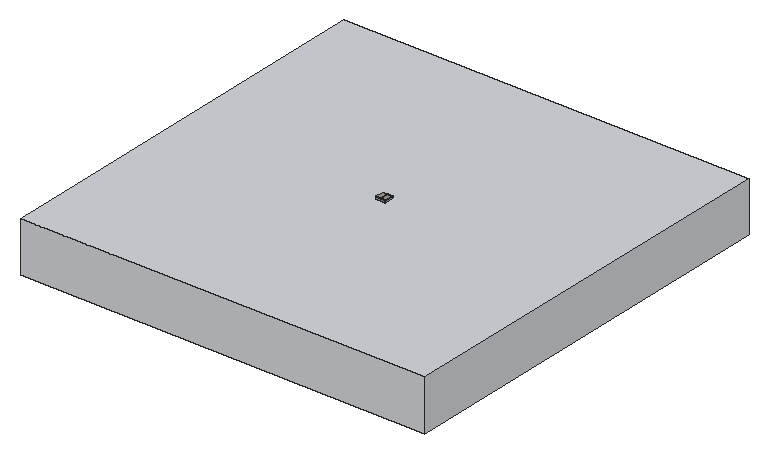
Revit family "2CKA001713A0202", category Electrical Fixtures, host Face, Revit 2014
Parameters
  White = Whitte
  Default Elevation = 1219.2 mm
Reference planes
  plane 1 "Center (Front/Back)": y = 0
  plane 2: z = 0
  plane 3 "Center (Left/Right)": x = 0
Forms (mm)
  Extrusion 1, solid
    sketch origin (0, 0, 0) x (1, 0, 0) y (0, 1, 0)
      loop
        line (-1219.2, 1219.2) -> (-1219.2, -1219.2) -> (1219.2, -1219.2) -> (1219.2, 1219.2) -> (-1219.2, 1219.2)
    from 0 to -304.8
  Extrusion 2, solid, material "Whitte" <- "White", detail levels fine
    sketch origin (0, 0, 11) x (1, 0, 0) y (0, 1, 0)
      loop
        arc (-27.5, -26.5) -> (-27.207, -27.207) -> (-26.5, -27.5) r 1
        line (-26.5, -27.5) -> (26.5, -27.5)
        arc (26.5, -27.5) -> (27.207, -27.207) -> (27.5, -26.5) r 1
        line (27.5, -26.5) -> (27.5, 26.5)
        arc (27.5, 26.5) -> (27.207, 27.207) -> (26.5, 27.5) r 1
        line (26.5, 27.5) -> (-26.5, 27.5)
        arc (-26.5, 27.5) -> (-27.207, 27.207) -> (-27.5, 26.5) r 1
        line (-27.5, 26.5) -> (-27.5, -26.5)
    from 0 to -11
  Revolve 3, solid, material "Whitte" <- "White", detail levels fine
    sketch origin (0, 0, 11) x (1, 0, 0) y (0, 1, 0)
      loop
        line (-0.5, 27.5) -> (-26.5, 27.5)
        arc (-26.5, 27.5) -> (-27.207, 27.207) -> (-27.5, 26.5) r 1
        line (-27.5, 26.5) -> (-27.5, -26.5)
        arc (-27.5, -26.5) -> (-27.207, -27.207) -> (-26.5, -27.5) r 1
        line (-26.5, -27.5) -> (-0.5, -27.5) -> (-0.5, 27.5)
      loop
        arc (26.5, -27.5) -> (27.207, -27.207) -> (27.5, -26.5) r 1
        line (27.5, -26.5) -> (27.5, 26.5)
        arc (27.5, 26.5) -> (27.207, 27.207) -> (26.5, 27.5) r 1
        line (26.5, 27.5) -> (0.5, 27.5) -> (0.5, -27.5) -> (26.5, -27.5)
      axis (27.5, 27.5) -> (-27.5, 27.5)
    angle from 0 to -5
  Extrusion 4, solid, material "Whitte" <- "White", detail levels medium
    sketch origin (0, 0, 11) x (1, 0, 0) y (0, 1, 0)
      loop
        line (27.5, 27.5) -> (-27.5, 27.5) -> (-27.5, -27.5) -> (27.5, -27.5) -> (27.5, 27.5)
    from 0 to -11
  Revolve 5, solid, material "Whitte" <- "White", detail levels medium
    sketch origin (0, 0, 11) x (1, 0, 0) y (0, 1, 0)
      loop
        line (-27.5, 27.5) -> (-27.5, -27.5) -> (27.5, -27.5) -> (27.5, 27.5) -> (-27.5, 27.5)
      axis (27.5, 27.5) -> (-27.5, 27.5)
    angle from 0 to -5
  Extrusion 6, solid, material "Whitte" <- "White", detail levels coarse
    sketch origin (0, 0, 10) x (1, 0, 0) y (0, 1, 0)
      loop
        line (-27.5, 27.5) -> (-27.5, -27.5) -> (27.5, -27.5) -> (27.5, 27.5) -> (-27.5, 27.5)
    from -10 to 5.8
Lines and regions (mm)
  model lines, detail levels fine
    curve 1: line (-14, 3.474, 13.102) -> (-9, -2.435, 13.619)
    curve 2: line (-9, -2.435, 13.619) -> (-19, -2.435, 13.619)
    curve 3: line (-19, -2.435, 13.619) -> (-14, 3.474, 13.102)
    curve 4: line (-10.068, -1.943, 13.576) -> (-14, 2.705, 13.169)
    curve 5: line (-14, 2.705, 13.169) -> (-17.932, -1.943, 13.576)
    curve 6: line (-17.932, -1.943, 13.576) -> (-10.068, -1.943, 13.576)
    curve 7: line (19, 3.268, 13.12) -> (14, -2.641, 13.637)
    curve 8: line (14, -2.641, 13.637) -> (9, 3.268, 13.12)
    curve 9: line (9, 3.268, 13.12) -> (19, 3.268, 13.12)
    curve 10: line (10.068, 2.775, 13.163) -> (14, -1.872, 13.57)
    curve 11: line (14, -1.872, 13.57) -> (17.932, 2.775, 13.163)
    curve 12: line (17.932, 2.775, 13.163) -> (10.068, 2.775, 13.163)
  model lines, detail levels medium
    curve 13: line (-0.5, -27.5, 0) -> (-0.5, 27.5, 0)
    curve 14: line (-0.5, -27.082, 15.775) -> (-0.5, 27.5, 11)
    curve 15: line (0.5, -27.082, 15.775) -> (0.5, 27.5, 11)
Dimensions and locks
  aligned and locked: plane 2 to Extrusion 1
  aligned and locked: level to Extrusion 1
  aligned and locked: plane 3 "Center (Left/Right)" to nested 1
  aligned and locked: plane 1 "Center (Front/Back)" to nested 1
Nested families
  nested 1: "SwitchForSunProtectionUpAndDown_DE-DE_2014" at (0, 0, 0), type "SwitchForSunProtectionUpAndDown_DE-DE_2014"
Definition of nested family "SwitchForSunProtectionUpAndDown_DE-DE_2014"
  Reference planes
    plane 1: y = 0
    plane 2: x = 0
  Lines and regions (mm)
    Filled region 1, type "Filled region 1"
      outline origin (0, 0, 0) x (1, 0, 0) y (0, 1, 0)
        loop
          line (-3.916, 8.333) -> (-3.416, 6.667) -> (-2.916, 8.333) -> (-3.916, 8.333)
    Filled region 2, type "Filled region 1"
      outline origin (0, 0, 0) x (1, 0, 0) y (0, 1, 0)
        loop
          line (3.416, 8.333) -> (2.916, 6.667) -> (3.916, 6.667) -> (3.416, 8.333)
    detail lines
      curve 1: circle (0, 1.25, 0) r 1.25 normal (0, 0, 1)
      curve 2: line (0.625, 2.333, 0) -> (2.742, 6, 0)
      curve 3: line (-0.625, 2.333, 0) -> (-2.742, 6, 0)
      curve 4: line (-2.742, 6, 0) -> (-3.955, 5.3, 0)
      curve 5: line (2.742, 6, 0) -> (3.955, 5.3, 0)
      curve 6: line (-2.916, 8.333, 0) -> (-3.416, 6.667, 0)
      curve 7: line (-3.416, 6.667, 0) -> (-3.916, 8.333, 0)
      curve 8: line (-3.916, 8.333, 0) -> (-2.916, 8.333, 0)
      curve 9: line (3.416, 8.333, 0) -> (2.916, 6.667, 0)
      curve 10: line (2.916, 6.667, 0) -> (3.916, 6.667, 0)
      curve 11: line (3.916, 6.667, 0) -> (3.416, 8.333, 0)
